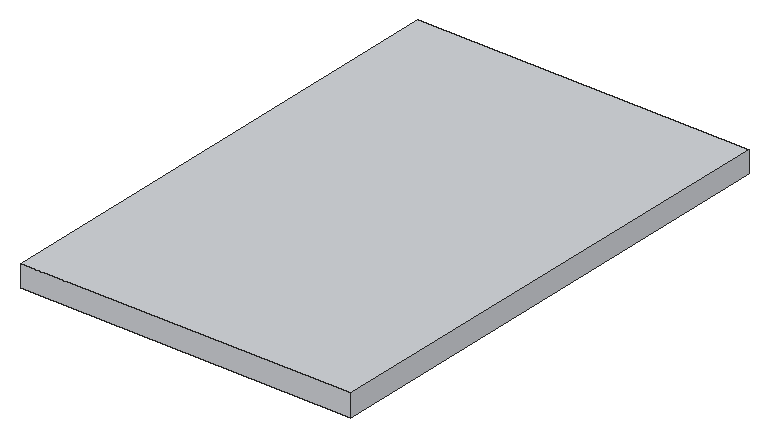
Revit family "CIRQUA-LI 1X2xxx M-FSW", category Oprawy oświetleniowe, Revit 2019
Family settings
  Obiekt nadrzędny = Powierzchnia
  Wymiar okrągłego złącza = Użyj średnicy
  Typ części = Normalny
  Numer OmniClass = 23.80.70.11
  Tytuł OmniClass = Luminaries for Internal Lighting
  Tnij formami wycięć po wczytaniu = Nie
  Źródło światła = Tak
  Współdzielony = Nie
  Punkt obliczania pomieszczeń = Nie
Parameters (values of type "CIRQUA-LI 1X3200-840 M-FSW")
  width = 100 mm  # constant formula
  weight = "1 kg"  # constant formula
  voltage type (AC, DC, UC) = "AC"
  rated input power = 26  # constant formula
  product name = "CIRQUA-LI 1X3200-840 M-FSW"
  nominal voltage = "230"
  nominal frequency = "50-60Hz"
  length = 231 mm  # constant formula
  ingress protection (IP) code = "IP20"
  height = 160 mm  # constant formula
  electrical safety class = "1"
  control gear = ""
  conformity mark = "CE"  # constant formula
  brand = "RIDI"
  approval mark = ""
  built-in parameter 1150104 = 13.8 (stored number, unit not read)
  Wattage = 21.4754 W
  Emituj ze średnicy okręgu = 76 mm  # constant formula
  Default Elevation = 0 mm
  built-in parameter 1150113 = 1 (stored number, unit not read)
  built-in parameter 1114218 = 1 (stored number, unit not read)
  URL = "www.ridi.de"
  built-in parameter 1150134 = 12
  built-in parameter 1150109 = 1 (stored number, unit not read)
  built-in parameter 1150110 = 1 (stored number, unit not read)
  Apparent Load = 26 VA  # constant formula
  Tilt Angle = 90.00°
  Model = "0321987AQ"
  built-in parameter 1114217 = 1 (stored number, unit not read)
  built-in parameter 1150139 = (empty or 0)
  built-in parameter 1150105 = 253.85 (stored number, unit not read)
  built-in parameter 1150114 = 1 (stored number, unit not read)
  Lumens = 3190 lm
  built-in parameter 1150115 = 1 (stored number, unit not read)
  built-in parameter 1150112 = 1 (stored number, unit not read)
  Lampa = "LED"
  Producent = "RIDI Leuchten GmbH"  # constant formula
  Dimming Lamp Color Temperature Shift = (empty or 0)
  Color Filter = 16777215
  built-in parameter 1150133 = 10 (stored number, unit not read)
  Emit Shape Visible in Rendering = no
  built-in parameter 1150137 = (empty or 0)
  built-in parameter 1150132 = 2
  Plik sieci fotometrycznej = "CIRQUA-L 1x3200-840 M.IES"
  Copyright = "© RIDI. All rights reserved."  # constant formula
  built-in parameter 1150106 = 2.5385 (stored number, unit not read)
  Kod zespołu = "D5020200"
  built-in parameter 1150107 = 4000 (stored number, unit not read)
  built-in parameter 1150102 = (empty or 0)
  built-in parameter 1150138 = (empty or 0)
Types (4, lengths in mm): name | product name | Wattage | built-in parameter 1150134 | Model | built-in parameter 1150105 | Lumens | built-in parameter 1150106 | built-in parameter 1150107
  (no name) | "CIRQUA-LI 1X3200-840 M-FSW" | 21.4754 W | 12 | "0321987AQ" | 253.85 (stored number, unit not read) | 3190 lm | 2.5385 (stored number, unit not read) | 4000 (stored number, unit not read)
  CIRQUA-LI 1X2600-930 M-FSW | "CIRQUA-LI 1X2600-930 M-FSW" | 17.5035 W | (empty or 0) | "0321995AQ" | 12010.5 (stored number, unit not read) | 2600 lm | 120.11 (stored number, unit not read) | 3000 (stored number, unit not read)
  CIRQUA-LI 1X3200-840 M-FSW | "CIRQUA-LI 1X3200-840 M-FSW" | 21.4754 W | 12 | "0321987AQ" | 253.85 (stored number, unit not read) | 3190 lm | 2.5385 (stored number, unit not read) | 4000 (stored number, unit not read)
  CIRQUA-LI 1X3000-830 M-FSW | "CIRQUA-LI 1X3000-830 M-FSW" | 20.3983 W | (empty or 0) | "0321991AQ" | 241.12 (stored number, unit not read) | 3030 lm | 2.4112 (stored number, unit not read) | 3000 (stored number, unit not read)
Reference planes
  plane 1 "Mitte (Vorne/hinten)": y = 0
  plane 2: z = 24.176
  plane 3 "Mitte (Links/rechts)": x = 22
  plane 4: z = 0
Forms (mm)
  Extrusion 1, solid
    sketch origin (219.2, 280.8, 0) x (1, 0, 0) y (0, 1, 0)
      loop
        line (-1219.2, 1219.2) -> (-1219.2, -1780.8) -> (780.8, -1780.8) -> (780.8, 1219.2) -> (-1219.2, 1219.2)
    from 24.176 to -107.307
Dimensions and locks
  aligned and locked: plane 2 to Extrusion 1
Connectors
  electrical at (22.05, -6.85, -4.224), driven by "Apparent Load"
    settings: on import instance, index 1, voltage 230 V, apparent load 0 VA, apparent load phase1 26 VA, apparent load phase2 0 VA, apparent load phase3 0 VA, power factor 1, load classification "Lighting", number of poles 1, system type 31, power factor state 1, is connector primary yes, connector utility no, sub classification motor no, connector description ""
